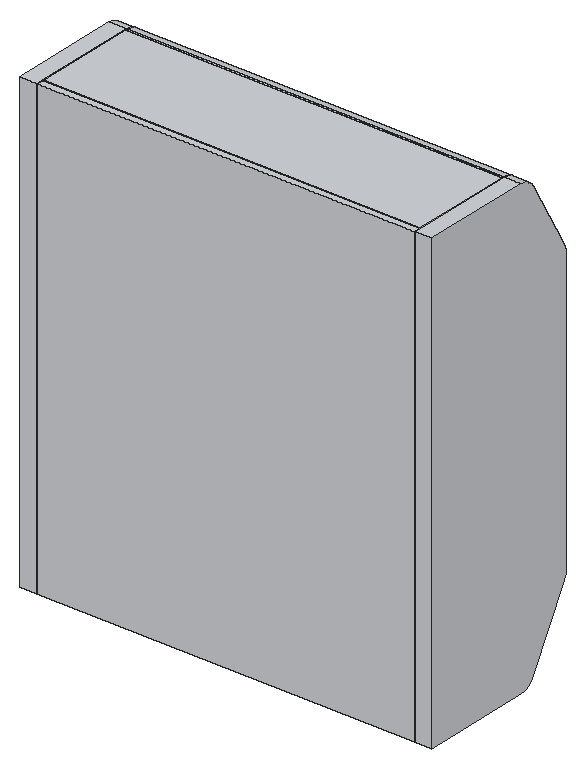
Revit family "Caspian LST 60 Mk1", category Mechanical Equipment, host Wall, Revit 2017 (continued)
Forms (mm)
  Extrusion 205, solid, material <- "Specification"
    sketch origin (3.769, -25.562, 45.702) x (0, 1, 0) y (0, 0, -1)
      loop
        line (310.877, -552.946) -> (308.696, -551.726) -> (307.087, -554.602) -> (309.269, -555.822) -> (310.877, -552.946)
    from 210 to 250
  Extrusion 206, solid, material <- "Specification"
    sketch origin (48.769, -25.562, 45.702) x (0, 1, 0) y (0, 0, -1)
      loop
        line (310.877, -552.946) -> (308.696, -551.726) -> (307.087, -554.602) -> (309.269, -555.822) -> (310.877, -552.946)
    from 210 to 250
  Extrusion 207, solid, material <- "Specification"
    sketch origin (93.769, -25.562, 45.702) x (0, 1, 0) y (0, 0, -1)
      loop
        line (310.877, -552.946) -> (308.696, -551.726) -> (307.087, -554.602) -> (309.269, -555.822) -> (310.877, -552.946)
    from 210 to 250
  Extrusion 208, solid, material <- "Specification"
    sketch origin (138.769, -25.562, 45.702) x (0, 1, 0) y (0, 0, -1)
      loop
        line (310.877, -552.946) -> (308.696, -551.726) -> (307.087, -554.602) -> (309.269, -555.822) -> (310.877, -552.946)
    from 210 to 250
  Extrusion 209, solid, material <- "Specification"
    sketch origin (183.769, -25.562, 45.702) x (0, 1, 0) y (0, 0, -1)
      loop
        line (310.877, -552.946) -> (308.696, -551.726) -> (307.087, -554.602) -> (309.269, -555.822) -> (310.877, -552.946)
    from 210 to 250
  Extrusion 210, solid, material <- "Specification"
    sketch origin (-3.769, -28.758, 51.415) x (0, 1, 0) y (0, 0, 1)
      loop
        line (310.877, 552.946) -> (309.269, 555.822) -> (307.087, 554.602) -> (308.696, 551.726) -> (310.877, 552.946)
    from 210 to 250
  Extrusion 211, solid, material <- "Specification"
    sketch origin (-48.769, -28.758, 51.415) x (0, 1, 0) y (0, 0, 1)
      loop
        line (310.877, 552.946) -> (309.269, 555.822) -> (307.087, 554.602) -> (308.696, 551.726) -> (310.877, 552.946)
    from 210 to 250
  Extrusion 212, solid, material <- "Specification"
    sketch origin (-93.769, -28.758, 51.415) x (0, 1, 0) y (0, 0, 1)
      loop
        line (310.877, 552.946) -> (309.269, 555.822) -> (307.087, 554.602) -> (308.696, 551.726) -> (310.877, 552.946)
    from 210 to 250
  Extrusion 213, solid, material <- "Specification"
    sketch origin (-138.769, -28.758, 51.415) x (0, 1, 0) y (0, 0, 1)
      loop
        line (310.877, 552.946) -> (309.269, 555.822) -> (307.087, 554.602) -> (308.696, 551.726) -> (310.877, 552.946)
    from 210 to 250
  Extrusion 214, solid, material <- "Specification"
    sketch origin (-183.769, -28.758, 51.415) x (0, 1, 0) y (0, 0, 1)
      loop
        line (310.877, 552.946) -> (309.269, 555.822) -> (307.087, 554.602) -> (308.696, 551.726) -> (310.877, 552.946)
    from 210 to 250
  Extrusion 215, solid, material <- "Specification"
    sketch origin (-228.769, -28.758, 51.415) x (0, 1, 0) y (0, 0, 1)
      loop
        line (310.877, 552.946) -> (309.269, 555.822) -> (307.087, 554.602) -> (308.696, 551.726) -> (310.877, 552.946)
    from 210 to 250
  Extrusion 216, solid, material <- "Specification"
    sketch origin (3.769, -28.758, 51.415) x (0, 1, 0) y (0, 0, -1)
      loop
        line (310.877, -552.946) -> (308.696, -551.726) -> (307.087, -554.602) -> (309.269, -555.822) -> (310.877, -552.946)
    from 210 to 250
  Extrusion 217, solid, material <- "Specification"
    sketch origin (48.769, -28.758, 51.415) x (0, 1, 0) y (0, 0, -1)
      loop
        line (310.877, -552.946) -> (308.696, -551.726) -> (307.087, -554.602) -> (309.269, -555.822) -> (310.877, -552.946)
    from 210 to 250
  Extrusion 218, solid, material <- "Specification"
    sketch origin (93.769, -28.758, 51.415) x (0, 1, 0) y (0, 0, -1)
      loop
        line (310.877, -552.946) -> (308.696, -551.726) -> (307.087, -554.602) -> (309.269, -555.822) -> (310.877, -552.946)
    from 210 to 250
  Extrusion 219, solid, material <- "Specification"
    sketch origin (138.769, -28.758, 51.415) x (0, 1, 0) y (0, 0, -1)
      loop
        line (310.877, -552.946) -> (308.696, -551.726) -> (307.087, -554.602) -> (309.269, -555.822) -> (310.877, -552.946)
    from 210 to 250
  Extrusion 220, solid, material <- "Specification"
    sketch origin (183.769, -28.758, 51.415) x (0, 1, 0) y (0, 0, -1)
      loop
        line (310.877, -552.946) -> (308.696, -551.726) -> (307.087, -554.602) -> (309.269, -555.822) -> (310.877, -552.946)
    from 210 to 250
  Extrusion 221, solid, material <- "Specification"
    sketch origin (-3.769, -31.953, 57.128) x (0, 1, 0) y (0, 0, 1)
      loop
        line (310.877, 552.946) -> (309.269, 555.822) -> (307.087, 554.602) -> (308.696, 551.726) -> (310.877, 552.946)
    from 210 to 250
  Extrusion 222, solid, material <- "Specification"
    sketch origin (-48.769, -31.953, 57.128) x (0, 1, 0) y (0, 0, 1)
      loop
        line (310.877, 552.946) -> (309.269, 555.822) -> (307.087, 554.602) -> (308.696, 551.726) -> (310.877, 552.946)
    from 210 to 250
  Extrusion 223, solid, material <- "Specification"
    sketch origin (-93.769, -31.953, 57.128) x (0, 1, 0) y (0, 0, 1)
      loop
        line (310.877, 552.946) -> (309.269, 555.822) -> (307.087, 554.602) -> (308.696, 551.726) -> (310.877, 552.946)
    from 210 to 250
  Extrusion 224, solid, material <- "Specification"
    sketch origin (-138.769, -31.953, 57.128) x (0, 1, 0) y (0, 0, 1)
      loop
        line (310.877, 552.946) -> (309.269, 555.822) -> (307.087, 554.602) -> (308.696, 551.726) -> (310.877, 552.946)
    from 210 to 250
  Extrusion 225, solid, material <- "Specification"
    sketch origin (-183.769, -31.953, 57.128) x (0, 1, 0) y (0, 0, 1)
      loop
        line (310.877, 552.946) -> (309.269, 555.822) -> (307.087, 554.602) -> (308.696, 551.726) -> (310.877, 552.946)
    from 210 to 250
  Extrusion 226, solid, material <- "Specification"
    sketch origin (-228.769, -31.953, 57.128) x (0, 1, 0) y (0, 0, 1)
      loop
        line (310.877, 552.946) -> (309.269, 555.822) -> (307.087, 554.602) -> (308.696, 551.726) -> (310.877, 552.946)
    from 210 to 250
  Extrusion 227, solid, material <- "Specification"
    sketch origin (3.769, -31.953, 57.128) x (0, 1, 0) y (0, 0, -1)
      loop
        line (310.877, -552.946) -> (308.696, -551.726) -> (307.087, -554.602) -> (309.269, -555.822) -> (310.877, -552.946)
    from 210 to 250
  Extrusion 228, solid, material <- "Specification"
    sketch origin (48.769, -31.953, 57.128) x (0, 1, 0) y (0, 0, -1)
      loop
        line (310.877, -552.946) -> (308.696, -551.726) -> (307.087, -554.602) -> (309.269, -555.822) -> (310.877, -552.946)
    from 210 to 250
  Extrusion 229, solid, material <- "Specification"
    sketch origin (93.769, -31.953, 57.128) x (0, 1, 0) y (0, 0, -1)
      loop
        line (310.877, -552.946) -> (308.696, -551.726) -> (307.087, -554.602) -> (309.269, -555.822) -> (310.877, -552.946)
    from 210 to 250
  Extrusion 230, solid, material <- "Specification"
    sketch origin (138.769, -31.953, 57.128) x (0, 1, 0) y (0, 0, -1)
      loop
        line (310.877, -552.946) -> (308.696, -551.726) -> (307.087, -554.602) -> (309.269, -555.822) -> (310.877, -552.946)
    from 210 to 250
  Extrusion 231, solid, material <- "Specification"
    sketch origin (183.769, -31.953, 57.128) x (0, 1, 0) y (0, 0, -1)
      loop
        line (310.877, -552.946) -> (308.696, -551.726) -> (307.087, -554.602) -> (309.269, -555.822) -> (310.877, -552.946)
    from 210 to 250
  Extrusion 232, solid, material <- "Specification"
    sketch origin (-3.769, -35.148, 62.841) x (0, 1, 0) y (0, 0, 1)
      loop
        line (310.877, 552.946) -> (309.269, 555.822) -> (307.087, 554.602) -> (308.696, 551.726) -> (310.877, 552.946)
    from 210 to 250
  Extrusion 233, solid, material <- "Specification"
    sketch origin (-48.769, -35.148, 62.841) x (0, 1, 0) y (0, 0, 1)
      loop
        line (310.877, 552.946) -> (309.269, 555.822) -> (307.087, 554.602) -> (308.696, 551.726) -> (310.877, 552.946)
    from 210 to 250
  Extrusion 234, solid, material <- "Specification"
    sketch origin (-93.769, -35.148, 62.841) x (0, 1, 0) y (0, 0, 1)
      loop
        line (310.877, 552.946) -> (309.269, 555.822) -> (307.087, 554.602) -> (308.696, 551.726) -> (310.877, 552.946)
    from 210 to 250
  Extrusion 235, solid, material <- "Specification"
    sketch origin (-138.769, -35.148, 62.841) x (0, 1, 0) y (0, 0, 1)
      loop
        line (310.877, 552.946) -> (309.269, 555.822) -> (307.087, 554.602) -> (308.696, 551.726) -> (310.877, 552.946)
    from 210 to 250
  Extrusion 236, solid, material <- "Specification"
    sketch origin (-183.769, -35.148, 62.841) x (0, 1, 0) y (0, 0, 1)
      loop
        line (310.877, 552.946) -> (309.269, 555.822) -> (307.087, 554.602) -> (308.696, 551.726) -> (310.877, 552.946)
    from 210 to 250
  Extrusion 237, solid, material <- "Specification"
    sketch origin (-228.769, -35.148, 62.841) x (0, 1, 0) y (0, 0, 1)
      loop
        line (310.877, 552.946) -> (309.269, 555.822) -> (307.087, 554.602) -> (308.696, 551.726) -> (310.877, 552.946)
    from 210 to 250
  Extrusion 238, solid, material <- "Specification"
    sketch origin (3.769, -35.148, 62.841) x (0, 1, 0) y (0, 0, -1)
      loop
        line (310.877, -552.946) -> (308.696, -551.726) -> (307.087, -554.602) -> (309.269, -555.822) -> (310.877, -552.946)
    from 210 to 250
  Extrusion 239, solid, material <- "Specification"
    sketch origin (48.769, -35.148, 62.841) x (0, 1, 0) y (0, 0, -1)
      loop
        line (310.877, -552.946) -> (308.696, -551.726) -> (307.087, -554.602) -> (309.269, -555.822) -> (310.877, -552.946)
    from 210 to 250
  Extrusion 240, solid, material <- "Specification"
    sketch origin (93.769, -35.148, 62.841) x (0, 1, 0) y (0, 0, -1)
      loop
        line (310.877, -552.946) -> (308.696, -551.726) -> (307.087, -554.602) -> (309.269, -555.822) -> (310.877, -552.946)
    from 210 to 250
  Extrusion 241, solid, material <- "Specification"
    sketch origin (138.769, -35.148, 62.841) x (0, 1, 0) y (0, 0, -1)
      loop
        line (310.877, -552.946) -> (308.696, -551.726) -> (307.087, -554.602) -> (309.269, -555.822) -> (310.877, -552.946)
    from 210 to 250
  Extrusion 242, solid, material <- "Specification"
    sketch origin (183.769, -35.148, 62.841) x (0, 1, 0) y (0, 0, -1)
      loop
        line (310.877, -552.946) -> (308.696, -551.726) -> (307.087, -554.602) -> (309.269, -555.822) -> (310.877, -552.946)
    from 210 to 250
  Extrusion 243, solid, material <- "Specification"
    sketch origin (-3.769, -38.344, 68.554) x (0, 1, 0) y (0, 0, 1)
      loop
        line (310.877, 552.946) -> (309.269, 555.822) -> (307.087, 554.602) -> (308.696, 551.726) -> (310.877, 552.946)
    from 210 to 250
  Extrusion 244, solid, material <- "Specification"
    sketch origin (-48.769, -38.344, 68.554) x (0, 1, 0) y (0, 0, 1)
      loop
        line (310.877, 552.946) -> (309.269, 555.822) -> (307.087, 554.602) -> (308.696, 551.726) -> (310.877, 552.946)
    from 210 to 250
  Extrusion 245, solid, material <- "Specification"
    sketch origin (-93.769, -38.344, 68.554) x (0, 1, 0) y (0, 0, 1)
      loop
        line (310.877, 552.946) -> (309.269, 555.822) -> (307.087, 554.602) -> (308.696, 551.726) -> (310.877, 552.946)
    from 210 to 250
  Extrusion 246, solid, material <- "Specification"
    sketch origin (-138.769, -38.344, 68.554) x (0, 1, 0) y (0, 0, 1)
      loop
        line (310.877, 552.946) -> (309.269, 555.822) -> (307.087, 554.602) -> (308.696, 551.726) -> (310.877, 552.946)
    from 210 to 250
  Extrusion 247, solid, material <- "Specification"
    sketch origin (-183.769, -38.344, 68.554) x (0, 1, 0) y (0, 0, 1)
      loop
        line (310.877, 552.946) -> (309.269, 555.822) -> (307.087, 554.602) -> (308.696, 551.726) -> (310.877, 552.946)
    from 210 to 250
  Extrusion 248, solid, material <- "Specification"
    sketch origin (-228.769, -38.344, 68.554) x (0, 1, 0) y (0, 0, 1)
      loop
        line (310.877, 552.946) -> (309.269, 555.822) -> (307.087, 554.602) -> (308.696, 551.726) -> (310.877, 552.946)
    from 210 to 250
  Extrusion 249, solid, material <- "Specification"
    sketch origin (3.769, -38.344, 68.554) x (0, 1, 0) y (0, 0, -1)
      loop
        line (310.877, -552.946) -> (308.696, -551.726) -> (307.087, -554.602) -> (309.269, -555.822) -> (310.877, -552.946)
    from 210 to 250
  Extrusion 250, solid, material <- "Specification"
    sketch origin (48.769, -38.344, 68.554) x (0, 1, 0) y (0, 0, -1)
      loop
        line (310.877, -552.946) -> (308.696, -551.726) -> (307.087, -554.602) -> (309.269, -555.822) -> (310.877, -552.946)
    from 210 to 250
  Extrusion 251, solid, material <- "Specification"
    sketch origin (93.769, -38.344, 68.554) x (0, 1, 0) y (0, 0, -1)
      loop
        line (310.877, -552.946) -> (308.696, -551.726) -> (307.087, -554.602) -> (309.269, -555.822) -> (310.877, -552.946)
    from 210 to 250
  Extrusion 252, solid, material <- "Specification"
    sketch origin (138.769, -38.344, 68.554) x (0, 1, 0) y (0, 0, -1)
      loop
        line (310.877, -552.946) -> (308.696, -551.726) -> (307.087, -554.602) -> (309.269, -555.822) -> (310.877, -552.946)
    from 210 to 250
  Extrusion 253, solid, material <- "Specification"
    sketch origin (183.769, -38.344, 68.554) x (0, 1, 0) y (0, 0, -1)
      loop
        line (310.877, -552.946) -> (308.696, -551.726) -> (307.087, -554.602) -> (309.269, -555.822) -> (310.877, -552.946)
    from 210 to 250
  Extrusion 254, solid, material <- "Specification"
    sketch origin (-3.769, -41.539, 74.266) x (0, 1, 0) y (0, 0, 1)
      loop
        line (310.877, 552.946) -> (309.269, 555.822) -> (307.087, 554.602) -> (308.696, 551.726) -> (310.877, 552.946)
    from 210 to 250
  Extrusion 255, solid, material <- "Specification"
    sketch origin (-48.769, -41.539, 74.266) x (0, 1, 0) y (0, 0, 1)
      loop
        line (310.877, 552.946) -> (309.269, 555.822) -> (307.087, 554.602) -> (308.696, 551.726) -> (310.877, 552.946)
    from 210 to 250
  Extrusion 256, solid, material <- "Specification"
    sketch origin (-93.769, -41.539, 74.266) x (0, 1, 0) y (0, 0, 1)
      loop
        line (310.877, 552.946) -> (309.269, 555.822) -> (307.087, 554.602) -> (308.696, 551.726) -> (310.877, 552.946)
    from 210 to 250
  Extrusion 257, solid, material <- "Specification"
    sketch origin (-138.769, -41.539, 74.266) x (0, 1, 0) y (0, 0, 1)
      loop
        line (310.877, 552.946) -> (309.269, 555.822) -> (307.087, 554.602) -> (308.696, 551.726) -> (310.877, 552.946)
    from 210 to 250
  Extrusion 258, solid, material <- "Specification"
    sketch origin (-183.769, -41.539, 74.266) x (0, 1, 0) y (0, 0, 1)
      loop
        line (310.877, 552.946) -> (309.269, 555.822) -> (307.087, 554.602) -> (308.696, 551.726) -> (310.877, 552.946)
    from 210 to 250
  Extrusion 259, solid, material <- "Specification"
    sketch origin (-228.769, -41.539, 74.266) x (0, 1, 0) y (0, 0, 1)
      loop
        line (310.877, 552.946) -> (309.269, 555.822) -> (307.087, 554.602) -> (308.696, 551.726) -> (310.877, 552.946)
    from 210 to 250
  Extrusion 260, solid, material <- "Specification"
    sketch origin (3.769, -41.539, 74.266) x (0, 1, 0) y (0, 0, -1)
      loop
        line (310.877, -552.946) -> (308.696, -551.726) -> (307.087, -554.602) -> (309.269, -555.822) -> (310.877, -552.946)
    from 210 to 250
  Extrusion 261, solid, material <- "Specification"
    sketch origin (48.769, -41.539, 74.266) x (0, 1, 0) y (0, 0, -1)
      loop
        line (310.877, -552.946) -> (308.696, -551.726) -> (307.087, -554.602) -> (309.269, -555.822) -> (310.877, -552.946)
    from 210 to 250
  Extrusion 262, solid, material <- "Specification"
    sketch origin (93.769, -41.539, 74.266) x (0, 1, 0) y (0, 0, -1)
      loop
        line (310.877, -552.946) -> (308.696, -551.726) -> (307.087, -554.602) -> (309.269, -555.822) -> (310.877, -552.946)
    from 210 to 250
  Extrusion 263, solid, material <- "Specification"
    sketch origin (138.769, -41.539, 74.266) x (0, 1, 0) y (0, 0, -1)
      loop
        line (310.877, -552.946) -> (308.696, -551.726) -> (307.087, -554.602) -> (309.269, -555.822) -> (310.877, -552.946)
    from 210 to 250
  Extrusion 264, solid, material <- "Specification"
    sketch origin (183.769, -41.539, 74.266) x (0, 1, 0) y (0, 0, -1)
      loop
        line (310.877, -552.946) -> (308.696, -551.726) -> (307.087, -554.602) -> (309.269, -555.822) -> (310.877, -552.946)
    from 210 to 250
  Extrusion 265, solid, material <- "Specification"
    sketch origin (-3.769, -44.734, 79.979) x (0, 1, 0) y (0, 0, 1)
      loop
        line (310.877, 552.946) -> (309.269, 555.822) -> (307.087, 554.602) -> (308.696, 551.726) -> (310.877, 552.946)
    from 210 to 250
  Extrusion 266, solid, material <- "Specification"
    sketch origin (-48.769, -44.734, 79.979) x (0, 1, 0) y (0, 0, 1)
      loop
        line (310.877, 552.946) -> (309.269, 555.822) -> (307.087, 554.602) -> (308.696, 551.726) -> (310.877, 552.946)
    from 210 to 250
  Extrusion 267, solid, material <- "Specification"
    sketch origin (-93.769, -44.734, 79.979) x (0, 1, 0) y (0, 0, 1)
      loop
        line (310.877, 552.946) -> (309.269, 555.822) -> (307.087, 554.602) -> (308.696, 551.726) -> (310.877, 552.946)
    from 210 to 250
  Extrusion 268, solid, material <- "Specification"
    sketch origin (-138.769, -44.734, 79.979) x (0, 1, 0) y (0, 0, 1)
      loop
        line (310.877, 552.946) -> (309.269, 555.822) -> (307.087, 554.602) -> (308.696, 551.726) -> (310.877, 552.946)
    from 210 to 250
  Extrusion 269, solid, material <- "Specification"
    sketch origin (-183.769, -44.734, 79.979) x (0, 1, 0) y (0, 0, 1)
      loop
        line (310.877, 552.946) -> (309.269, 555.822) -> (307.087, 554.602) -> (308.696, 551.726) -> (310.877, 552.946)
    from 210 to 250
  Extrusion 270, solid, material <- "Specification"
    sketch origin (-228.769, -44.734, 79.979) x (0, 1, 0) y (0, 0, 1)
      loop
        line (310.877, 552.946) -> (309.269, 555.822) -> (307.087, 554.602) -> (308.696, 551.726) -> (310.877, 552.946)
    from 210 to 250
  Extrusion 271, solid, material <- "Specification"
    sketch origin (3.769, -44.734, 79.979) x (0, 1, 0) y (0, 0, -1)
      loop
        line (310.877, -552.946) -> (308.696, -551.726) -> (307.087, -554.602) -> (309.269, -555.822) -> (310.877, -552.946)
    from 210 to 250
  Extrusion 272, solid, material <- "Specification"
    sketch origin (48.769, -44.734, 79.979) x (0, 1, 0) y (0, 0, -1)
      loop
        line (310.877, -552.946) -> (308.696, -551.726) -> (307.087, -554.602) -> (309.269, -555.822) -> (310.877, -552.946)
    from 210 to 250
  Extrusion 273, solid, material <- "Specification"
    sketch origin (93.769, -44.734, 79.979) x (0, 1, 0) y (0, 0, -1)
      loop
        line (310.877, -552.946) -> (308.696, -551.726) -> (307.087, -554.602) -> (309.269, -555.822) -> (310.877, -552.946)
    from 210 to 250
  Extrusion 274, solid, material <- "Specification"
    sketch origin (138.769, -44.734, 79.979) x (0, 1, 0) y (0, 0, -1)
      loop
        line (310.877, -552.946) -> (308.696, -551.726) -> (307.087, -554.602) -> (309.269, -555.822) -> (310.877, -552.946)
    from 210 to 250
  Extrusion 275, solid, material <- "Specification"
    sketch origin (183.769, -44.734, 79.979) x (0, 1, 0) y (0, 0, -1)
      loop
        line (310.877, -552.946) -> (308.696, -551.726) -> (307.087, -554.602) -> (309.269, -555.822) -> (310.877, -552.946)
    from 210 to 250
Text (mm)
  text "Placement side" at (-1820.995, 1116.779, 0), in view "Ref. Level"
  text "Placement side" at (0, 1334.055, 2976.191), in view "Left"
  text "Placement side" at (0, 439.194, 2944.362), in view "Right"
Dimensions and locks
  locked: plane 3 "Back" to host wall
  aligned and locked: plane 1 "Wall" to host wall
Connectors
  piping at (252.5, 141, 274), diameter 22
    settings: on Extrusion 2, index 3, connector inside diameter 609.6 mm, connector length 0 mm, flow factor 0, pipe flow 0.0 L/s, pressure drop 0.0 Pa, fitting loss kfactor 0, connector angle 0.00°, fixture units 0, engagement length 0 mm, angle of deflection 0.00°, flow configuration 0, flow direction 1, fitting loss method 0, system type 7, joint type 0, gender type 0, connector reference index -1, connector utility 0, adjustable connector no, is connector primary yes, connector description ""
  piping at (252.5, 251, 274), diameter 22
    settings: on Extrusion 3, index 4, connector inside diameter 609.6 mm, connector length 0 mm, flow factor 0, pipe flow 0.0 L/s, pressure drop 0.0 Pa, fitting loss kfactor 0, connector angle 0.00°, fixture units 0, engagement length 0 mm, angle of deflection 0.00°, flow configuration 0, flow direction 1, fitting loss method 0, system type 7, joint type 0, gender type 0, connector reference index -1, connector utility 0, adjustable connector no, is connector primary no, connector description ""
